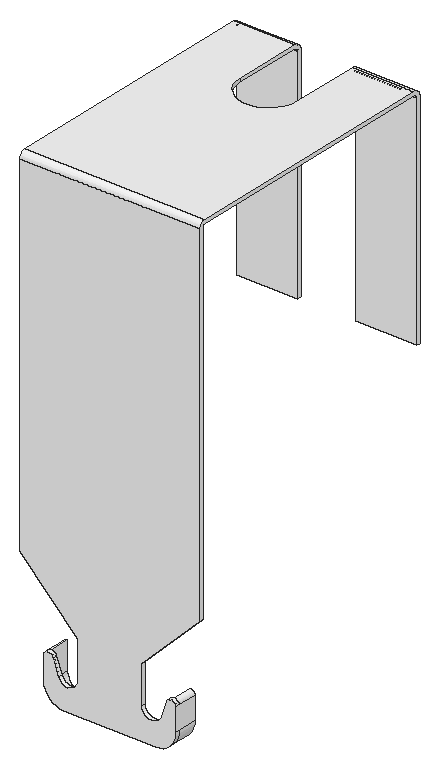
Revit family "特殊75mmSクリップ", category 機械設備, Revit 2020
Family settings
  丸型コネクタ寸法 = 直径を使用
  種別 = なし
  パーツ タイプ = 標準
  作業面ベース = いいえ
  常に垂直 = はい
  ロード時にボイドで切り取り = いいえ
  共有 = いいえ
  部屋計算ポイント = いいえ
Parameters
  製造元 = "株式会社桐井製作所"
  既定の高さ = 0 mm
  URL = "https://www.kirii.co.jp/"
  K_品名 = "特殊75mmSクリップ"
  K_名称 = "特殊クリップ"
  K_入数 = "500"
  K_バージョン情報 = "20211012"
Reference planes
  plane 1 "中心(正面/背面)": y = 0
  plane 2: z = 0
  plane 3 "中心(左/右)": x = 0
Forms (mm)
  Extrusion 1, solid
    sketch origin (0, 30, 0) x (0, 1, 0) y (0, 0, 1)
      loop
        line (-30, 0) -> (-29.4, -0.6) -> (-29.4, 83) -> (16, 83)
        arc (16, 83) -> (16.46, 82.81) -> (16.65, 82.35) r 0.65
        line (16.65, 82.35) -> (16.65, 43.6) -> (17.25, 44.2) -> (17.25, 82.35)
        arc (17.25, 82.35) -> (16.884, 83.234) -> (16, 83.6) r 1.25
        line (16, 83.6) -> (-29, 83.6)
        arc (-29, 83.6) -> (-29.707, 83.307) -> (-30, 82.6) r 1
        line (-30, 82.6) -> (-30, 0)
    from -15.5 to 15.5
  Extrusion 2, void
    sketch origin (0, -0.6, -0.8) x (0, 1, 0) y (0, 0, 1)
      loop
        line (0.387, 0.8) -> (0.387, -0.064) -> (1.428, -0.064) -> (1.428, 0.8) -> (0.387, 0.8)
    from -15.5 to 15.5
  Extrusion 3, void
    sketch origin (0, 34.471, 33.072) x (1, 0, 0) y (0, 1, 0)
      loop
        line (-5, 12.779) -> (-5, -0.205)
        arc (-5, -0.205) -> (0, -5.205) -> (5, -0.205) r 5
        line (5, -0.205) -> (5, 12.779) -> (-5, 12.779)
    from 10.251 to 50.528
  Extrusion 4, void
    sketch origin (0, 30.371, 19.426) x (0, 1, 0) y (0, 0, 1)
      loop
        line (15.756, 24.774) -> (15.756, 23.898) -> (16.879, 23.898) -> (16.879, 24.774) -> (15.756, 24.774)
    from -15.5 to 15.5
  Extrusion 5, void
    sketch origin (0, 0, 0) x (1, 0, 0) y (0, 0, 1)
      loop
        line (-15.5, 22) -> (-15.5, 0) -> (-7.9, 0)
        arc (-7.9, 0) -> (-10.375, 1.025) -> (-11.4, 3.5) r 3.5
        line (-11.4, 3.5) -> (-11.4, 7.4)
        arc (-11.4, 7.4) -> (-10.668, 8.226) -> (-9.759, 7.598) r 0.832
        line (-9.759, 7.598) -> (-8.852, 5.004)
        arc (-8.852, 5.004) -> (-6.971, 3.868) -> (-5.5, 5.5) r 1.725
        line (-5.5, 5.5) -> (-5.5, 12) -> (-15.5, 22)
      loop
        line (15.5, 22) -> (5.5, 12) -> (5.5, 5.5)
        arc (5.5, 5.5) -> (6.971, 3.868) -> (8.852, 5.004) r 1.725
        line (8.852, 5.004) -> (9.759, 7.598)
        arc (9.759, 7.598) -> (10.668, 8.226) -> (11.4, 7.4) r 0.832
        line (11.4, 7.4) -> (11.4, 3.5)
        arc (11.4, 3.5) -> (10.375, 1.025) -> (7.9, 0) r 3.5
        line (7.9, 0) -> (15.5, 0) -> (15.5, 22)
    from -0.6 to 0
  Extrusion 6, solid
    sketch origin (0, 0, 0) x (1, 0, 0) y (0, 0, 1)
      loop
        arc (11.4, 7.4) -> (11.168, 7.977) -> (10.6, 8.232) r 0.832
        line (10.6, 8.232) -> (10.6, 3.5)
        arc (10.6, 3.5) -> (9.809, 1.591) -> (7.9, 0.8) r 2.7
        line (7.9, 0.8) -> (-7.9, 0.8)
        arc (-7.9, 0.8) -> (-9.809, 1.591) -> (-10.6, 3.5) r 2.7
        line (-10.6, 3.5) -> (-10.6, 8.232)
        arc (-10.6, 8.232) -> (-11.168, 7.977) -> (-11.4, 7.4) r 0.832
        line (-11.4, 7.4) -> (-11.4, 3.5)
        arc (-11.4, 3.5) -> (-10.375, 1.025) -> (-7.9, 0) r 3.5
        line (-7.9, 0) -> (7.9, 0)
        arc (7.9, 0) -> (10.375, 1.025) -> (11.4, 3.5) r 3.5
        line (11.4, 3.5) -> (11.4, 7.4)
    from -4 to -0.6
Cuts and joins
  Extrusion 2, Extrusion 3, Extrusion 4, Extrusion 5 cuts Extrusion 1
  joined: Extrusion 1, Extrusion 6
Dimensions and locks
  aligned and locked: level to plane 2
